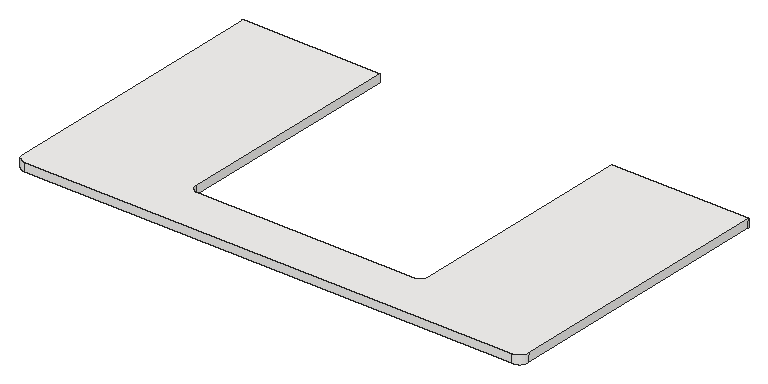
Revit family "console with cutout for countertop basin ground", category Furniture, Revit 2019 (continued)
Definition of nested family "console 1360_550 with cutout right for countertop basin ground 500_480-54098050-glossy_white-400_content"
  Parameters (values of type "Console 1360_550 with cutout right for countertop basin ground 500_480-54098050-GLOSSY_WHITE-400_Content")
    NAME = "Xelu Q Console 1360/550 with cutout right for countertop basin ground 500/480"
    Model = "Console 1360/550 with cutout right for countertop basin ground 500/480-54098050-GLOSSY_WHITE-400"
    Manufacturer = "Hansgrohe"
    MASTERFORMAT = "12 35 30.23 | Bathroom Casework"
    LODLEVEL = "400"
    LL = 1020
    LINA = "Console 1360/550 with cutout right for countertop basin ground 500/480-54098050-GLOSSY_WHITE-400"
    L1 = 450
    L = 1360
    IFC = "Furnishing element"
    IDNR = 17
    GTINCODE = "4059625457375"
    ETIM = "EC011381 | Bathroom furniture set"
    Default Elevation = 1219.2 mm
    DESIGN = "Germany"
    ContentVisible [instance] = yes
    CATALOG = "Hansgrohe"
    BIMOBJECT = "Sanitary: Compound units "
    BASENUMBER = "Console 1360/550 with cutout right for countertop basin ground 500/480"
    ARTNR = "54098050"
  Reference planes
    plane 1 "Center (Front/Back)": y = 0
    plane 2: z = 0
    plane 3 "Center (Left/Right)": x = 0
  Forms (mm)
    Extrusion 1, solid, visible <- "ContentVisible", detail levels medium+fine
      sketch origin (0, 0, 0) x (1, 0, 0) y (0, 1, 0)
        loop
          line (-1020, -1.5) -> (-1020, -532)
          arc (-1020, -532) -> (-1014.728, -544.728) -> (-1002, -550) r 18
          line (-1002, -550) -> (322, -550)
          arc (322, -550) -> (334.728, -544.728) -> (340, -532) r 18
          line (340, -532) -> (340, -1.5)
          arc (340, -1.5) -> (339.561, -0.439) -> (338.5, 0) r 1.5
          line (338.5, 0) -> (225, 0) -> (225, -444)
          arc (225, -444) -> (220.314, -455.314) -> (209, -460) r 16
          line (209, -460) -> (-209, -460)
          arc (-209, -460) -> (-220.314, -455.314) -> (-225, -444) r 16
          line (-225, -444) -> (-225, 0) -> (-1018.5, 0)
          arc (-1018.5, 0) -> (-1019.561, -0.439) -> (-1020, -1.5) r 1.5
      from 0 to 16
    Extrusion 2, solid, visible <- "ContentVisible", detail levels coarse
      sketch origin (-340, -275, 0) x (1, 0, 0) y (0, 1, 0)
        loop
          line (-680, -275) -> (680, -275) -> (680, 275) -> (-680, 275) -> (-680, -275)
      from 0 to 16
  Dimensions and locks
    aligned and locked: level to plane 2
Definition of nested family "console 1360_550 with cutout right for countertop basin ground 500_480-54098230-natural_oak-200_content"
  Parameters (values of type "Console 1360_550 with cutout right for countertop basin ground 500_480-54098230-NATURAL_OAK-200_Content")
    WEIGHT = "10"
    UNSPSC = "56 | Furniture and Furnishings"
    UNIFORMATII = "E2010 | Fixed Furnishings"
    UNICLASS2015 = "Pr_40_20_76_94 | Vanity units"
    SURFACE = "NATURAL_OAK"
    SPECIFICATION = "Surfaces:    - 54098050 High Gloss White  - 54098910 Diamond Matt Grey  - 54098230 Natural Oak  - 54098630 Dark Walnut      Specification:"
    REGIONSET = "Worldwide"
    PRODUCTURL = "https://pro.hansgrohe.com/articledetail--54098050"
    PRODUCTGROUP = "console"
    PRODUCTFAMILY = "Xelu Q"
    PERMALINK = "54098XXX"
    OMNICLASS = "23-19 31 17 11 | Bathroom Units"
    OBJECTTYPE = "Object (single object)"
    NN = "Console with cutout for countertop basin ground"
    NBSYN = "$BASENUMBER.-$ARTNR.-$SURFACE.-$LODLEVEL."
    NB = "Console 1360/550 with cutout right for countertop basin ground 500/480-54098230-NATURAL_OAK-200"
    NAME = "Xelu Q Console 1360/550 with cutout right for countertop basin ground 500/480"
    Model = "Console 1360/550 with cutout right for countertop basin ground 500/480-54098230-NATURAL_OAK-200"
    Manufacturer = "Hansgrohe"
    MASTERFORMAT = "12 35 30.23 | Bathroom Casework"
    LODLEVEL = "200"
    LL = 1020
    LINA = "Console 1360/550 with cutout right for countertop basin ground 500/480-54098230-NATURAL_OAK-200"
    L1 = 450
    L = 1360
    IFC = "Furnishing element"
    IDNR = 20
    GTINCODE = "4059625457375"
    ETIM = "EC011381 | Bathroom furniture set"
    Default Elevation = 1219.2 mm
    DESIGN = "Germany"
    ContentVisible [instance] = yes
    CATALOG = "Hansgrohe"
    BIMOBJECT = "Sanitary: Compound units "
    BASENUMBER = "Console 1360/550 with cutout right for countertop basin ground 500/480"
    ARTNR = "54098230"
  Reference planes
    plane 1 "Center (Front/Back)": y = 0
    plane 2: z = 0
    plane 3 "Center (Left/Right)": x = 0
  Forms (mm)
    Extrusion 1, solid, visible <- "ContentVisible", detail levels medium+fine
      sketch origin (0, 0, 0) x (1, 0, 0) y (0, 1, 0)
        loop
          line (-1020, -550) -> (340, -550) -> (340, 0) -> (225, 0) -> (225, -460) -> (-225, -460) -> (-225, 0) -> (-1020, 0) -> (-1020, -550)
      from 0 to 16
    Extrusion 2, solid, visible <- "ContentVisible", detail levels coarse
      sketch origin (-340, -275, 0) x (1, 0, 0) y (0, 1, 0)
        loop
          line (-680, -275) -> (680, -275) -> (680, 275) -> (-680, 275) -> (-680, -275)
      from 0 to 16
  Dimensions and locks
    aligned and locked: level to plane 2
Definition of nested family "console 1360_550 with cutout right for countertop basin ground 500_480-54098230-natural_oak-400_content"
  Parameters (values of type "Console 1360_550 with cutout right for countertop basin ground 500_480-54098230-NATURAL_OAK-400_Content")
    WEIGHT = "10"
    UNSPSC = "56 | Furniture and Furnishings"
    UNIFORMATII = "E2010 | Fixed Furnishings"
    UNICLASS2015 = "Pr_40_20_76_94 | Vanity units"
    SURFACE = "NATURAL_OAK"
    SPECIFICATION = "Surfaces:    - 54098050 High Gloss White  - 54098910 Diamond Matt Grey  - 54098230 Natural Oak  - 54098630 Dark Walnut      Specification:"
    REGIONSET = "Worldwide"
    PRODUCTURL = "https://pro.hansgrohe.com/articledetail--54098050"
    PRODUCTGROUP = "console"
    PRODUCTFAMILY = "Xelu Q"
    PERMALINK = "54098XXX"
    OMNICLASS = "23-19 31 17 11 | Bathroom Units"
    OBJECTTYPE = "Object (single object)"
    NN = "Console with cutout for countertop basin ground"
    NBSYN = "$BASENUMBER.-$ARTNR.-$SURFACE.-$LODLEVEL."
    NB = "Console 1360/550 with cutout right for countertop basin ground 500/480-54098230-NATURAL_OAK-400"
    NAME = "Xelu Q Console 1360/550 with cutout right for countertop basin ground 500/480"
    Model = "Console 1360/550 with cutout right for countertop basin ground 500/480-54098230-NATURAL_OAK-400"
    Manufacturer = "Hansgrohe"
    MASTERFORMAT = "12 35 30.23 | Bathroom Casework"
    LODLEVEL = "400"
    LL = 1020
    LINA = "Console 1360/550 with cutout right for countertop basin ground 500/480-54098230-NATURAL_OAK-400"
    L1 = 450
    L = 1360
    IFC = "Furnishing element"
    IDNR = 20
    GTINCODE = "4059625457375"
    ETIM = "EC011381 | Bathroom furniture set"
    Default Elevation = 1219.2 mm
    DESIGN = "Germany"
    ContentVisible [instance] = yes
    CATALOG = "Hansgrohe"
    BIMOBJECT = "Sanitary: Compound units "
    BASENUMBER = "Console 1360/550 with cutout right for countertop basin ground 500/480"
    ARTNR = "54098230"
  Reference planes
    plane 1 "Center (Front/Back)": y = 0
    plane 2: z = 0
    plane 3 "Center (Left/Right)": x = 0
  Forms (mm)
    Extrusion 1, solid, visible <- "ContentVisible", detail levels medium+fine
      sketch origin (0, 0, 0) x (1, 0, 0) y (0, 1, 0)
        loop
          line (-1020, -1.5) -> (-1020, -532)
          arc (-1020, -532) -> (-1014.728, -544.728) -> (-1002, -550) r 18
          line (-1002, -550) -> (322, -550)
          arc (322, -550) -> (334.728, -544.728) -> (340, -532) r 18
          line (340, -532) -> (340, -1.5)
          arc (340, -1.5) -> (339.561, -0.439) -> (338.5, 0) r 1.5
          line (338.5, 0) -> (225, 0) -> (225, -444)
          arc (225, -444) -> (220.314, -455.314) -> (209, -460) r 16
          line (209, -460) -> (-209, -460)
          arc (-209, -460) -> (-220.314, -455.314) -> (-225, -444) r 16
          line (-225, -444) -> (-225, 0) -> (-1018.5, 0)
          arc (-1018.5, 0) -> (-1019.561, -0.439) -> (-1020, -1.5) r 1.5
      from 0 to 16
    Extrusion 2, solid, visible <- "ContentVisible", detail levels coarse
      sketch origin (-340, -275, 0) x (1, 0, 0) y (0, 1, 0)
        loop
          line (-680, -275) -> (680, -275) -> (680, 275) -> (-680, 275) -> (-680, -275)
      from 0 to 16
  Dimensions and locks
    aligned and locked: level to plane 2
Definition of nested family "console 1360_550 with cutout right for countertop basin ground 500_480-54098630-dark_walnut-200_content"
  Parameters (values of type "Console 1360_550 with cutout right for countertop basin ground 500_480-54098630-DARK_WALNUT-200_Content")
    WEIGHT = "10"
    UNSPSC = "56 | Furniture and Furnishings"
    UNIFORMATII = "E2010 | Fixed Furnishings"
    UNICLASS2015 = "Pr_40_20_76_94 | Vanity units"
    SURFACE = "DARK_WALNUT"
    SPECIFICATION = "Surfaces:    - 54098050 High Gloss White  - 54098910 Diamond Matt Grey  - 54098230 Natural Oak  - 54098630 Dark Walnut      Specification:"
    REGIONSET = "Worldwide"
    PRODUCTURL = "https://pro.hansgrohe.com/articledetail--54098050"
    PRODUCTGROUP = "console"
    PRODUCTFAMILY = "Xelu Q"
    PERMALINK = "54098XXX"
    OMNICLASS = "23-19 31 17 11 | Bathroom Units"
    OBJECTTYPE = "Object (single object)"
    NN = "Console with cutout for countertop basin ground"
    NBSYN = "$BASENUMBER.-$ARTNR.-$SURFACE.-$LODLEVEL."
    NB = "Console 1360/550 with cutout right for countertop basin ground 500/480-54098630-DARK_WALNUT-200"
    NAME = "Xelu Q Console 1360/550 with cutout right for countertop basin ground 500/480"
    Model = "Console 1360/550 with cutout right for countertop basin ground 500/480-54098630-DARK_WALNUT-200"
    Manufacturer = "Hansgrohe"
    MASTERFORMAT = "12 35 30.23 | Bathroom Casework"
    LODLEVEL = "200"
    LL = 1020
    LINA = "Console 1360/550 with cutout right for countertop basin ground 500/480-54098630-DARK_WALNUT-200"
    L1 = 450
    L = 1360
    IFC = "Furnishing element"
    IDNR = 18
    GTINCODE = "4059625457375"
    ETIM = "EC011381 | Bathroom furniture set"
    Default Elevation = 1219.2 mm
    DESIGN = "Germany"
    ContentVisible [instance] = yes
    CATALOG = "Hansgrohe"
    BIMOBJECT = "Sanitary: Compound units "
    BASENUMBER = "Console 1360/550 with cutout right for countertop basin ground 500/480"
    ARTNR = "54098630"
  Reference planes
    plane 1 "Center (Front/Back)": y = 0
    plane 2: z = 0
    plane 3 "Center (Left/Right)": x = 0
  Forms (mm)
    Extrusion 1, solid, visible <- "ContentVisible", detail levels medium+fine
      sketch origin (0, 0, 0) x (1, 0, 0) y (0, 1, 0)
        loop
          line (-1020, -550) -> (340, -550) -> (340, 0) -> (225, 0) -> (225, -460) -> (-225, -460) -> (-225, 0) -> (-1020, 0) -> (-1020, -550)
      from 0 to 16
    Extrusion 2, solid, visible <- "ContentVisible", detail levels coarse
      sketch origin (-340, -275, 0) x (1, 0, 0) y (0, 1, 0)
        loop
          line (-680, -275) -> (680, -275) -> (680, 275) -> (-680, 275) -> (-680, -275)
      from 0 to 16
  Dimensions and locks
    aligned and locked: level to plane 2
Definition of nested family "console 1360_550 with cutout right for countertop basin ground 500_480-54098630-dark_walnut-400_content"
  Parameters (values of type "Console 1360_550 with cutout right for countertop basin ground 500_480-54098630-DARK_WALNUT-400_Content")
    WEIGHT = "10"
    UNSPSC = "56 | Furniture and Furnishings"
    UNIFORMATII = "E2010 | Fixed Furnishings"
    UNICLASS2015 = "Pr_40_20_76_94 | Vanity units"
    SURFACE = "DARK_WALNUT"
    SPECIFICATION = "Surfaces:    - 54098050 High Gloss White  - 54098910 Diamond Matt Grey  - 54098230 Natural Oak  - 54098630 Dark Walnut      Specification:"
    REGIONSET = "Worldwide"
    PRODUCTURL = "https://pro.hansgrohe.com/articledetail--54098050"
    PRODUCTGROUP = "console"
    PRODUCTFAMILY = "Xelu Q"
    PERMALINK = "54098XXX"
    OMNICLASS = "23-19 31 17 11 | Bathroom Units"
    OBJECTTYPE = "Object (single object)"
    NN = "Console with cutout for countertop basin ground"
    NBSYN = "$BASENUMBER.-$ARTNR.-$SURFACE.-$LODLEVEL."
    NB = "Console 1360/550 with cutout right for countertop basin ground 500/480-54098630-DARK_WALNUT-400"
    NAME = "Xelu Q Console 1360/550 with cutout right for countertop basin ground 500/480"
    Model = "Console 1360/550 with cutout right for countertop basin ground 500/480-54098630-DARK_WALNUT-400"
    Manufacturer = "Hansgrohe"
    MASTERFORMAT = "12 35 30.23 | Bathroom Casework"
    LODLEVEL = "400"
    LL = 1020
    LINA = "Console 1360/550 with cutout right for countertop basin ground 500/480-54098630-DARK_WALNUT-400"
    L1 = 450
    L = 1360
    IFC = "Furnishing element"
    IDNR = 18
    GTINCODE = "4059625457375"
    ETIM = "EC011381 | Bathroom furniture set"
    Default Elevation = 1219.2 mm
    DESIGN = "Germany"
    ContentVisible [instance] = yes
    CATALOG = "Hansgrohe"
    BIMOBJECT = "Sanitary: Compound units "
    BASENUMBER = "Console 1360/550 with cutout right for countertop basin ground 500/480"
    ARTNR = "54098630"
  Reference planes
    plane 1 "Center (Front/Back)": y = 0
    plane 2: z = 0
    plane 3 "Center (Left/Right)": x = 0
  Forms (mm)
    Extrusion 1, solid, visible <- "ContentVisible", detail levels medium+fine
      sketch origin (0, 0, 0) x (1, 0, 0) y (0, 1, 0)
        loop
          line (-1020, -1.5) -> (-1020, -532)
          arc (-1020, -532) -> (-1014.728, -544.728) -> (-1002, -550) r 18
          line (-1002, -550) -> (322, -550)
          arc (322, -550) -> (334.728, -544.728) -> (340, -532) r 18
          line (340, -532) -> (340, -1.5)
          arc (340, -1.5) -> (339.561, -0.439) -> (338.5, 0) r 1.5
          line (338.5, 0) -> (225, 0) -> (225, -444)
          arc (225, -444) -> (220.314, -455.314) -> (209, -460) r 16
          line (209, -460) -> (-209, -460)
          arc (-209, -460) -> (-220.314, -455.314) -> (-225, -444) r 16
          line (-225, -444) -> (-225, 0) -> (-1018.5, 0)
          arc (-1018.5, 0) -> (-1019.561, -0.439) -> (-1020, -1.5) r 1.5
      from 0 to 16
    Extrusion 2, solid, visible <- "ContentVisible", detail levels coarse
      sketch origin (-340, -275, 0) x (1, 0, 0) y (0, 1, 0)
        loop
          line (-680, -275) -> (680, -275) -> (680, 275) -> (-680, 275) -> (-680, -275)
      from 0 to 16
  Dimensions and locks
    aligned and locked: level to plane 2
Definition of nested family "console 1360_550 with cutout right for countertop basin ground 500_480-54098910-diamond_grey-200_content"
  Parameters (values of type "Console 1360_550 with cutout right for countertop basin ground 500_480-54098910-DIAMOND_GREY-200_Content")
    WEIGHT = "10"
    UNSPSC = "56 | Furniture and Furnishings"
    UNIFORMATII = "E2010 | Fixed Furnishings"
    UNICLASS2015 = "Pr_40_20_76_94 | Vanity units"
    SURFACE = "DIAMOND_GREY"
    SPECIFICATION = "Surfaces:    - 54098050 High Gloss White  - 54098910 Diamond Matt Grey  - 54098230 Natural Oak  - 54098630 Dark Walnut      Specification:"
    REGIONSET = "Worldwide"
    PRODUCTURL = "https://pro.hansgrohe.com/articledetail--54098050"
    PRODUCTGROUP = "console"
    PRODUCTFAMILY = "Xelu Q"
    PERMALINK = "54098XXX"
    OMNICLASS = "23-19 31 17 11 | Bathroom Units"
    OBJECTTYPE = "Object (single object)"
    NN = "Console with cutout for countertop basin ground"
    NBSYN = "$BASENUMBER.-$ARTNR.-$SURFACE.-$LODLEVEL."
    NB = "Console 1360/550 with cutout right for countertop basin ground 500/480-54098910-DIAMOND_GREY-200"
    NAME = "Xelu Q Console 1360/550 with cutout right for countertop basin ground 500/480"
    Model = "Console 1360/550 with cutout right for countertop basin ground 500/480-54098910-DIAMOND_GREY-200"
    Manufacturer = "Hansgrohe"
    MASTERFORMAT = "12 35 30.23 | Bathroom Casework"
    LODLEVEL = "200"
    LL = 1020
    LINA = "Console 1360/550 with cutout right for countertop basin ground 500/480-54098910-DIAMOND_GREY-200"
    L1 = 450
    L = 1360
    IFC = "Furnishing element"
    IDNR = 19
    GTINCODE = "4059625457375"
    ETIM = "EC011381 | Bathroom furniture set"
    Default Elevation = 1219.2 mm
    DESIGN = "Germany"
    ContentVisible [instance] = yes
    CATALOG = "Hansgrohe"
    BIMOBJECT = "Sanitary: Compound units "
    BASENUMBER = "Console 1360/550 with cutout right for countertop basin ground 500/480"
    ARTNR = "54098910"
  Reference planes
    plane 1 "Center (Front/Back)": y = 0
    plane 2: z = 0
    plane 3 "Center (Left/Right)": x = 0
  Forms (mm)
    Extrusion 1, solid, visible <- "ContentVisible", detail levels medium+fine
      sketch origin (0, 0, 0) x (1, 0, 0) y (0, 1, 0)
        loop
          line (-1020, -550) -> (340, -550) -> (340, 0) -> (225, 0) -> (225, -460) -> (-225, -460) -> (-225, 0) -> (-1020, 0) -> (-1020, -550)
      from 0 to 16
    Extrusion 2, solid, visible <- "ContentVisible", detail levels coarse
      sketch origin (-340, -275, 0) x (1, 0, 0) y (0, 1, 0)
        loop
          line (-680, -275) -> (680, -275) -> (680, 275) -> (-680, 275) -> (-680, -275)
      from 0 to 16
  Dimensions and locks
    aligned and locked: level to plane 2
Definition of nested family "console 1360_550 with cutout right for countertop basin ground 500_480-54098910-diamond_grey-400_content"
  Parameters (values of type "Console 1360_550 with cutout right for countertop basin ground 500_480-54098910-DIAMOND_GREY-400_Content")
    WEIGHT = "10"
    UNSPSC = "56 | Furniture and Furnishings"
    UNIFORMATII = "E2010 | Fixed Furnishings"
    UNICLASS2015 = "Pr_40_20_76_94 | Vanity units"
    SURFACE = "DIAMOND_GREY"
    SPECIFICATION = "Surfaces:    - 54098050 High Gloss White  - 54098910 Diamond Matt Grey  - 54098230 Natural Oak  - 54098630 Dark Walnut      Specification:"
    REGIONSET = "Worldwide"
    PRODUCTURL = "https://pro.hansgrohe.com/articledetail--54098050"
    PRODUCTGROUP = "console"
    PRODUCTFAMILY = "Xelu Q"
    PERMALINK = "54098XXX"
    OMNICLASS = "23-19 31 17 11 | Bathroom Units"
    OBJECTTYPE = "Object (single object)"
    NN = "Console with cutout for countertop basin ground"
    NBSYN = "$BASENUMBER.-$ARTNR.-$SURFACE.-$LODLEVEL."
    NB = "Console 1360/550 with cutout right for countertop basin ground 500/480-54098910-DIAMOND_GREY-400"
    NAME = "Xelu Q Console 1360/550 with cutout right for countertop basin ground 500/480"
    Model = "Console 1360/550 with cutout right for countertop basin ground 500/480-54098910-DIAMOND_GREY-400"
    Manufacturer = "Hansgrohe"
    MASTERFORMAT = "12 35 30.23 | Bathroom Casework"
    LODLEVEL = "400"
    LL = 1020
    LINA = "Console 1360/550 with cutout right for countertop basin ground 500/480-54098910-DIAMOND_GREY-400"
    L1 = 450
    L = 1360
    IFC = "Furnishing element"
    IDNR = 19
    GTINCODE = "4059625457375"
    ETIM = "EC011381 | Bathroom furniture set"
    Default Elevation = 1219.2 mm
    DESIGN = "Germany"
    ContentVisible [instance] = yes
    CATALOG = "Hansgrohe"
    BIMOBJECT = "Sanitary: Compound units "
    BASENUMBER = "Console 1360/550 with cutout right for countertop basin ground 500/480"
    ARTNR = "54098910"
  Reference planes
    plane 1 "Center (Front/Back)": y = 0
    plane 2: z = 0
    plane 3 "Center (Left/Right)": x = 0
  Forms (mm)
    Extrusion 1, solid, visible <- "ContentVisible", detail levels medium+fine
      sketch origin (0, 0, 0) x (1, 0, 0) y (0, 1, 0)
        loop
          line (-1020, -1.5) -> (-1020, -532)
          arc (-1020, -532) -> (-1014.728, -544.728) -> (-1002, -550) r 18
          line (-1002, -550) -> (322, -550)
          arc (322, -550) -> (334.728, -544.728) -> (340, -532) r 18
          line (340, -532) -> (340, -1.5)
          arc (340, -1.5) -> (339.561, -0.439) -> (338.5, 0) r 1.5
          line (338.5, 0) -> (225, 0) -> (225, -444)
          arc (225, -444) -> (220.314, -455.314) -> (209, -460) r 16
          line (209, -460) -> (-209, -460)
          arc (-209, -460) -> (-220.314, -455.314) -> (-225, -444) r 16
          line (-225, -444) -> (-225, 0) -> (-1018.5, 0)
          arc (-1018.5, 0) -> (-1019.561, -0.439) -> (-1020, -1.5) r 1.5
      from 0 to 16
    Extrusion 2, solid, visible <- "ContentVisible", detail levels coarse
      sketch origin (-340, -275, 0) x (1, 0, 0) y (0, 1, 0)
        loop
          line (-680, -275) -> (680, -275) -> (680, 275) -> (-680, 275) -> (-680, -275)
      from 0 to 16
  Dimensions and locks
    aligned and locked: level to plane 2
Definition of nested family "console 780_550 with cutout in the middle for countertop basin ground 500_480-54094050-glossy_white-200_content"
  Parameters (values of type "Console 780_550 with cutout in the middle for countertop basin ground 500_480-54094050-GLOSSY_WHITE-200_Content")
    WEIGHT = "6.2"
    UNSPSC = "56 | Furniture and Furnishings"
    UNIFORMATII = "E2010 | Fixed Furnishings"
    UNICLASS2015 = "Pr_40_20_76_94 | Vanity units"
    SURFACE = "GLOSSY_WHITE"
    SPECIFICATION = "Surfaces:    - 54094050 High Gloss White  - 54094910 Diamond Matt Grey  - 54094230 Natural Oak  - 54094630 Dark Walnut      Specification:    • consists of: console, space saving siphon   • material: high-density 3-ply chipboard   • surface material: laminate (HPL)   • with cutout for countertop basin ground  • number of basin cutouts: 1   • basin cutout: centered   • strength: 16 mm"
    REGIONSET = "Worldwide"
    PRODUCTURL = "https://pro.hansgrohe.com/articledetail--54094050"
    PRODUCTGROUP = "console"
    PRODUCTFAMILY = "Xelu Q"
    PERMALINK = "54094XXX"
    OMNICLASS = "23-19 31 17 11 | Bathroom Units"
    OBJECTTYPE = "Object (single object)"
    NN = "Console with cutout for countertop basin ground"
    NBSYN = "$BASENUMBER.-$ARTNR.-$SURFACE.-$LODLEVEL."
    NB = "Console 780/550 with cutout in the middle for countertop basin ground 500/480-54094050-GLOSSY_WHITE-200"
    NAME = "Xelu Q Console 780/550 with cutout in the middle for countertop basin ground 500/480"
    Model = "Console 780/550 with cutout in the middle for countertop basin ground 500/480-54094050-GLOSSY_WHITE-200"
    Manufacturer = "Hansgrohe"
    MASTERFORMAT = "12 35 30.23 | Bathroom Casework"
    LODLEVEL = "200"
    LL = 390
    LINA = "Console 780/550 with cutout in the middle for countertop basin ground 500/480-54094050-GLOSSY_WHITE-200"
    L1 = 450
    L = 780
    IFC = "Furnishing element"
    IDNR = 4
    GTINCODE = "4059625457139"
    ETIM = "EC011381 | Bathroom furniture set"
    Default Elevation = 1219.2 mm
    DESIGN = "Germany"
    ContentVisible [instance] = yes
    CATALOG = "Hansgrohe"
    BIMOBJECT = "Sanitary: Compound units "
    BASENUMBER = "Console 780/550 with cutout in the middle for countertop basin ground 500/480"
    ARTNR = "54094050"
  Reference planes
    plane 1 "Center (Front/Back)": y = 0
    plane 2: z = 0
    plane 3 "Center (Left/Right)": x = 0
  Forms (mm)
    Extrusion 1, solid, visible <- "ContentVisible", detail levels medium+fine
      sketch origin (0, 0, 0) x (1, 0, 0) y (0, 1, 0)
        loop
          line (-390, 0) -> (-390, -550) -> (390, -550) -> (390, 0) -> (225, 0) -> (225, -460) -> (-225, -460) -> (-225, 0) -> (-390, 0)
      from 0 to 16
    Extrusion 2, solid, visible <- "ContentVisible", detail levels coarse
      sketch origin (0, -275, 0) x (1, 0, 0) y (0, 1, 0)
        loop
          line (-390, -275) -> (390, -275) -> (390, 275) -> (-390, 275) -> (-390, -275)
      from 0 to 16
  Dimensions and locks
    aligned and locked: level to plane 2
Definition of nested family "console 780_550 with cutout in the middle for countertop basin ground 500_480-54094050-glossy_white-400_content"
  Parameters (values of type "Console 780_550 with cutout in the middle for countertop basin ground 500_480-54094050-GLOSSY_WHITE-400_Content")
    WEIGHT = "6.2"
    UNSPSC = "56 | Furniture and Furnishings"
    UNIFORMATII = "E2010 | Fixed Furnishings"
    UNICLASS2015 = "Pr_40_20_76_94 | Vanity units"
    SURFACE = "GLOSSY_WHITE"
    SPECIFICATION = "Surfaces:    - 54094050 High Gloss White  - 54094910 Diamond Matt Grey  - 54094230 Natural Oak  - 54094630 Dark Walnut      Specification:    • consists of: console, space saving siphon   • material: high-density 3-ply chipboard   • surface material: laminate (HPL)   • with cutout for countertop basin ground  • number of basin cutouts: 1   • basin cutout: centered   • strength: 16 mm"
    REGIONSET = "Worldwide"
    PRODUCTURL = "https://pro.hansgrohe.com/articledetail--54094050"
    PRODUCTGROUP = "console"
    PRODUCTFAMILY = "Xelu Q"
    PERMALINK = "54094XXX"
    OMNICLASS = "23-19 31 17 11 | Bathroom Units"
    OBJECTTYPE = "Object (single object)"
    NN = "Console with cutout for countertop basin ground"
    NBSYN = "$BASENUMBER.-$ARTNR.-$SURFACE.-$LODLEVEL."
    NB = "Console 780/550 with cutout in the middle for countertop basin ground 500/480-54094050-GLOSSY_WHITE-400"
    NAME = "Xelu Q Console 780/550 with cutout in the middle for countertop basin ground 500/480"
    Model = "Console 780/550 with cutout in the middle for countertop basin ground 500/480-54094050-GLOSSY_WHITE-400"
    Manufacturer = "Hansgrohe"
    MASTERFORMAT = "12 35 30.23 | Bathroom Casework"
    LODLEVEL = "400"
    LL = 390
    LINA = "Console 780/550 with cutout in the middle for countertop basin ground 500/480-54094050-GLOSSY_WHITE-400"
    L1 = 450
    L = 780
    IFC = "Furnishing element"
    IDNR = 4
    GTINCODE = "4059625457139"
    ETIM = "EC011381 | Bathroom furniture set"
    Default Elevation = 1219.2 mm
    DESIGN = "Germany"
    ContentVisible [instance] = yes
    CATALOG = "Hansgrohe"
    BIMOBJECT = "Sanitary: Compound units "
    BASENUMBER = "Console 780/550 with cutout in the middle for countertop basin ground 500/480"
    ARTNR = "54094050"
  Reference planes
    plane 1 "Center (Front/Back)": y = 0
    plane 2: z = 0
    plane 3 "Center (Left/Right)": x = 0
  Forms (mm)
    Extrusion 1, solid, visible <- "ContentVisible", detail levels medium+fine
      sketch origin (0, 0, 0) x (1, 0, 0) y (0, 1, 0)
        loop
          line (-390, -1.5) -> (-390, -532)
          arc (-390, -532) -> (-384.728, -544.728) -> (-372, -550) r 18
          line (-372, -550) -> (372, -550)
          arc (372, -550) -> (384.728, -544.728) -> (390, -532) r 18
          line (390, -532) -> (390, -1.5)
          arc (390, -1.5) -> (389.561, -0.439) -> (388.5, 0) r 1.5
          line (388.5, 0) -> (225, 0) -> (225, -444)
          arc (225, -444) -> (220.314, -455.314) -> (209, -460) r 16
          line (209, -460) -> (-209, -460)
          arc (-209, -460) -> (-220.314, -455.314) -> (-225, -444) r 16
          line (-225, -444) -> (-225, 0) -> (-388.5, 0)
          arc (-388.5, 0) -> (-389.561, -0.439) -> (-390, -1.5) r 1.5
      from 0 to 16
    Extrusion 2, solid, visible <- "ContentVisible", detail levels coarse
      sketch origin (0, -275, 0) x (1, 0, 0) y (0, 1, 0)
        loop
          line (-390, -275) -> (390, -275) -> (390, 275) -> (-390, 275) -> (-390, -275)
      from 0 to 16
  Dimensions and locks
    aligned and locked: level to plane 2
Definition of nested family "console 780_550 with cutout in the middle for countertop basin ground 500_480-54094230-natural_oak-200_content"
  Parameters (values of type "Console 780_550 with cutout in the middle for countertop basin ground 500_480-54094230-NATURAL_OAK-200_Content")
    WEIGHT = "6.2"
    UNSPSC = "56 | Furniture and Furnishings"
    UNIFORMATII = "E2010 | Fixed Furnishings"
    UNICLASS2015 = "Pr_40_20_76_94 | Vanity units"
    SURFACE = "NATURAL_OAK"
    SPECIFICATION = "Surfaces:    - 54094050 High Gloss White  - 54094910 Diamond Matt Grey  - 54094230 Natural Oak  - 54094630 Dark Walnut      Specification:    • consists of: console, space saving siphon   • material: high-density 3-ply chipboard   • surface material: laminate (HPL)   • with cutout for countertop basin ground  • number of basin cutouts: 1   • basin cutout: centered   • strength: 16 mm"
    REGIONSET = "Worldwide"
    PRODUCTURL = "https://pro.hansgrohe.com/articledetail--54094050"
    PRODUCTGROUP = "console"
    PRODUCTFAMILY = "Xelu Q"
    PERMALINK = "54094XXX"
    OMNICLASS = "23-19 31 17 11 | Bathroom Units"
    OBJECTTYPE = "Object (single object)"
    NN = "Console with cutout for countertop basin ground"
    NBSYN = "$BASENUMBER.-$ARTNR.-$SURFACE.-$LODLEVEL."
    NB = "Console 780/550 with cutout in the middle for countertop basin ground 500/480-54094230-NATURAL_OAK-200"
    NAME = "Xelu Q Console 780/550 with cutout in the middle for countertop basin ground 500/480"
    Model = "Console 780/550 with cutout in the middle for countertop basin ground 500/480-54094230-NATURAL_OAK-200"
    Manufacturer = "Hansgrohe"
    MASTERFORMAT = "12 35 30.23 | Bathroom Casework"
    LODLEVEL = "200"
    LL = 390
    LINA = "Console 780/550 with cutout in the middle for countertop basin ground 500/480-54094230-NATURAL_OAK-200"
    L1 = 450
    L = 780
    IFC = "Furnishing element"
    IDNR = 3
    GTINCODE = "4059625457139"
    ETIM = "EC011381 | Bathroom furniture set"
    Default Elevation = 1219.2 mm
    DESIGN = "Germany"
    ContentVisible [instance] = yes
    CATALOG = "Hansgrohe"
    BIMOBJECT = "Sanitary: Compound units "
    BASENUMBER = "Console 780/550 with cutout in the middle for countertop basin ground 500/480"
    ARTNR = "54094230"
  Reference planes
    plane 1 "Center (Front/Back)": y = 0
    plane 2: z = 0
    plane 3 "Center (Left/Right)": x = 0
  Forms (mm)
    Extrusion 1, solid, visible <- "ContentVisible", detail levels medium+fine
      sketch origin (0, 0, 0) x (1, 0, 0) y (0, 1, 0)
        loop
          line (-390, 0) -> (-390, -550) -> (390, -550) -> (390, 0) -> (225, 0) -> (225, -460) -> (-225, -460) -> (-225, 0) -> (-390, 0)
      from 0 to 16
    Extrusion 2, solid, visible <- "ContentVisible", detail levels coarse
      sketch origin (0, -275, 0) x (1, 0, 0) y (0, 1, 0)
        loop
          line (-390, -275) -> (390, -275) -> (390, 275) -> (-390, 275) -> (-390, -275)
      from 0 to 16
  Dimensions and locks
    aligned and locked: level to plane 2
Definition of nested family "console 780_550 with cutout in the middle for countertop basin ground 500_480-54094230-natural_oak-400_content"
  Parameters (values of type "Console 780_550 with cutout in the middle for countertop basin ground 500_480-54094230-NATURAL_OAK-400_Content")
    WEIGHT = "6.2"
    UNSPSC = "56 | Furniture and Furnishings"
    UNIFORMATII = "E2010 | Fixed Furnishings"
    UNICLASS2015 = "Pr_40_20_76_94 | Vanity units"
    SURFACE = "NATURAL_OAK"
    SPECIFICATION = "Surfaces:    - 54094050 High Gloss White  - 54094910 Diamond Matt Grey  - 54094230 Natural Oak  - 54094630 Dark Walnut      Specification:    • consists of: console, space saving siphon   • material: high-density 3-ply chipboard   • surface material: laminate (HPL)   • with cutout for countertop basin ground  • number of basin cutouts: 1   • basin cutout: centered   • strength: 16 mm"
    REGIONSET = "Worldwide"
    PRODUCTURL = "https://pro.hansgrohe.com/articledetail--54094050"
    PRODUCTGROUP = "console"
    PRODUCTFAMILY = "Xelu Q"
    PERMALINK = "54094XXX"
    OMNICLASS = "23-19 31 17 11 | Bathroom Units"
    OBJECTTYPE = "Object (single object)"
    NN = "Console with cutout for countertop basin ground"
    NBSYN = "$BASENUMBER.-$ARTNR.-$SURFACE.-$LODLEVEL."
    NB = "Console 780/550 with cutout in the middle for countertop basin ground 500/480-54094230-NATURAL_OAK-400"
    NAME = "Xelu Q Console 780/550 with cutout in the middle for countertop basin ground 500/480"
    Model = "Console 780/550 with cutout in the middle for countertop basin ground 500/480-54094230-NATURAL_OAK-400"
    Manufacturer = "Hansgrohe"
    MASTERFORMAT = "12 35 30.23 | Bathroom Casework"
    LODLEVEL = "400"
    LL = 390
    LINA = "Console 780/550 with cutout in the middle for countertop basin ground 500/480-54094230-NATURAL_OAK-400"
    L1 = 450
    L = 780
    IFC = "Furnishing element"
    IDNR = 3
    GTINCODE = "4059625457139"
    ETIM = "EC011381 | Bathroom furniture set"
    Default Elevation = 1219.2 mm
    DESIGN = "Germany"
    ContentVisible [instance] = yes
    CATALOG = "Hansgrohe"
    BIMOBJECT = "Sanitary: Compound units "
    BASENUMBER = "Console 780/550 with cutout in the middle for countertop basin ground 500/480"
    ARTNR = "54094230"
  Reference planes
    plane 1 "Center (Front/Back)": y = 0
    plane 2: z = 0
    plane 3 "Center (Left/Right)": x = 0
  Forms (mm)
    Extrusion 1, solid, visible <- "ContentVisible", detail levels medium+fine
      sketch origin (0, 0, 0) x (1, 0, 0) y (0, 1, 0)
        loop
          line (-390, -1.5) -> (-390, -532)
          arc (-390, -532) -> (-384.728, -544.728) -> (-372, -550) r 18
          line (-372, -550) -> (372, -550)
          arc (372, -550) -> (384.728, -544.728) -> (390, -532) r 18
          line (390, -532) -> (390, -1.5)
          arc (390, -1.5) -> (389.561, -0.439) -> (388.5, 0) r 1.5
          line (388.5, 0) -> (225, 0) -> (225, -444)
          arc (225, -444) -> (220.314, -455.314) -> (209, -460) r 16
          line (209, -460) -> (-209, -460)
          arc (-209, -460) -> (-220.314, -455.314) -> (-225, -444) r 16
          line (-225, -444) -> (-225, 0) -> (-388.5, 0)
          arc (-388.5, 0) -> (-389.561, -0.439) -> (-390, -1.5) r 1.5
      from 0 to 16
    Extrusion 2, solid, visible <- "ContentVisible", detail levels coarse
      sketch origin (0, -275, 0) x (1, 0, 0) y (0, 1, 0)
        loop
          line (-390, -275) -> (390, -275) -> (390, 275) -> (-390, 275) -> (-390, -275)
      from 0 to 16
  Dimensions and locks
    aligned and locked: level to plane 2
Definition of nested family "console 780_550 with cutout in the middle for countertop basin ground 500_480-54094630-dark_walnut-200_content"
  Parameters (values of type "Console 780_550 with cutout in the middle for countertop basin ground 500_480-54094630-DARK_WALNUT-200_Content")
    WEIGHT = "6.2"
    UNSPSC = "56 | Furniture and Furnishings"
    UNIFORMATII = "E2010 | Fixed Furnishings"
    UNICLASS2015 = "Pr_40_20_76_94 | Vanity units"
    SURFACE = "DARK_WALNUT"
    SPECIFICATION = "Surfaces:    - 54094050 High Gloss White  - 54094910 Diamond Matt Grey  - 54094230 Natural Oak  - 54094630 Dark Walnut      Specification:    • consists of: console, space saving siphon   • material: high-density 3-ply chipboard   • surface material: laminate (HPL)   • with cutout for countertop basin ground  • number of basin cutouts: 1   • basin cutout: centered   • strength: 16 mm"
    REGIONSET = "Worldwide"
    PRODUCTURL = "https://pro.hansgrohe.com/articledetail--54094050"
    PRODUCTGROUP = "console"
    PRODUCTFAMILY = "Xelu Q"
    PERMALINK = "54094XXX"
    OMNICLASS = "23-19 31 17 11 | Bathroom Units"
    OBJECTTYPE = "Object (single object)"
    NN = "Console with cutout for countertop basin ground"
    NBSYN = "$BASENUMBER.-$ARTNR.-$SURFACE.-$LODLEVEL."
    NB = "Console 780/550 with cutout in the middle for countertop basin ground 500/480-54094630-DARK_WALNUT-200"
    NAME = "Xelu Q Console 780/550 with cutout in the middle for countertop basin ground 500/480"
    Model = "Console 780/550 with cutout in the middle for countertop basin ground 500/480-54094630-DARK_WALNUT-200"
    Manufacturer = "Hansgrohe"
    MASTERFORMAT = "12 35 30.23 | Bathroom Casework"
    LODLEVEL = "200"
    LL = 390
    LINA = "Console 780/550 with cutout in the middle for countertop basin ground 500/480-54094630-DARK_WALNUT-200"
    L1 = 450
    L = 780
    IFC = "Furnishing element"
    IDNR = 1
    GTINCODE = "4059625457139"
    ETIM = "EC011381 | Bathroom furniture set"
    Default Elevation = 1219.2 mm
    DESIGN = "Germany"
    ContentVisible [instance] = yes
    CATALOG = "Hansgrohe"
    BIMOBJECT = "Sanitary: Compound units "
    BASENUMBER = "Console 780/550 with cutout in the middle for countertop basin ground 500/480"
    ARTNR = "54094630"
  Reference planes
    plane 1 "Center (Front/Back)": y = 0
    plane 2: z = 0
    plane 3 "Center (Left/Right)": x = 0
  Forms (mm)
    Extrusion 1, solid, visible <- "ContentVisible", detail levels medium+fine
      sketch origin (0, 0, 0) x (1, 0, 0) y (0, 1, 0)
        loop
          line (-390, 0) -> (-390, -550) -> (390, -550) -> (390, 0) -> (225, 0) -> (225, -460) -> (-225, -460) -> (-225, 0) -> (-390, 0)
      from 0 to 16
    Extrusion 2, solid, visible <- "ContentVisible", detail levels coarse
      sketch origin (0, -275, 0) x (1, 0, 0) y (0, 1, 0)
        loop
          line (-390, -275) -> (390, -275) -> (390, 275) -> (-390, 275) -> (-390, -275)
      from 0 to 16
  Dimensions and locks
    aligned and locked: level to plane 2
Definition of nested family "console 780_550 with cutout in the middle for countertop basin ground 500_480-54094630-dark_walnut-400_content"
  Parameters (values of type "Console 780_550 with cutout in the middle for countertop basin ground 500_480-54094630-DARK_WALNUT-400_Content")
    WEIGHT = "6.2"
    UNSPSC = "56 | Furniture and Furnishings"
    UNIFORMATII = "E2010 | Fixed Furnishings"
    UNICLASS2015 = "Pr_40_20_76_94 | Vanity units"
    SURFACE = "DARK_WALNUT"
    SPECIFICATION = "Surfaces:    - 54094050 High Gloss White  - 54094910 Diamond Matt Grey  - 54094230 Natural Oak  - 54094630 Dark Walnut      Specification:    • consists of: console, space saving siphon   • material: high-density 3-ply chipboard   • surface material: laminate (HPL)   • with cutout for countertop basin ground  • number of basin cutouts: 1   • basin cutout: centered   • strength: 16 mm"
    REGIONSET = "Worldwide"
    PRODUCTURL = "https://pro.hansgrohe.com/articledetail--54094050"
    PRODUCTGROUP = "console"
    PRODUCTFAMILY = "Xelu Q"
    PERMALINK = "54094XXX"
    OMNICLASS = "23-19 31 17 11 | Bathroom Units"
    OBJECTTYPE = "Object (single object)"
    NN = "Console with cutout for countertop basin ground"
    NBSYN = "$BASENUMBER.-$ARTNR.-$SURFACE.-$LODLEVEL."
    NB = "Console 780/550 with cutout in the middle for countertop basin ground 500/480-54094630-DARK_WALNUT-400"
    NAME = "Xelu Q Console 780/550 with cutout in the middle for countertop basin ground 500/480"
    Model = "Console 780/550 with cutout in the middle for countertop basin ground 500/480-54094630-DARK_WALNUT-400"
    Manufacturer = "Hansgrohe"
    MASTERFORMAT = "12 35 30.23 | Bathroom Casework"
    LODLEVEL = "400"
    LL = 390
    LINA = "Console 780/550 with cutout in the middle for countertop basin ground 500/480-54094630-DARK_WALNUT-400"
    L1 = 450
    L = 780
    IFC = "Furnishing element"
    IDNR = 1
    GTINCODE = "4059625457139"
    ETIM = "EC011381 | Bathroom furniture set"
    Default Elevation = 1219.2 mm
    DESIGN = "Germany"
    ContentVisible [instance] = yes
    CATALOG = "Hansgrohe"
    BIMOBJECT = "Sanitary: Compound units "
    BASENUMBER = "Console 780/550 with cutout in the middle for countertop basin ground 500/480"
    ARTNR = "54094630"
  Reference planes
    plane 1 "Center (Front/Back)": y = 0
    plane 2: z = 0
    plane 3 "Center (Left/Right)": x = 0
  Forms (mm)
    Extrusion 1, solid, visible <- "ContentVisible", detail levels medium+fine
      sketch origin (0, 0, 0) x (1, 0, 0) y (0, 1, 0)
        loop
          line (-390, -1.5) -> (-390, -532)
          arc (-390, -532) -> (-384.728, -544.728) -> (-372, -550) r 18
          line (-372, -550) -> (372, -550)
          arc (372, -550) -> (384.728, -544.728) -> (390, -532) r 18
          line (390, -532) -> (390, -1.5)
          arc (390, -1.5) -> (389.561, -0.439) -> (388.5, 0) r 1.5
          line (388.5, 0) -> (225, 0) -> (225, -444)
          arc (225, -444) -> (220.314, -455.314) -> (209, -460) r 16
          line (209, -460) -> (-209, -460)
          arc (-209, -460) -> (-220.314, -455.314) -> (-225, -444) r 16
          line (-225, -444) -> (-225, 0) -> (-388.5, 0)
          arc (-388.5, 0) -> (-389.561, -0.439) -> (-390, -1.5) r 1.5
      from 0 to 16
    Extrusion 2, solid, visible <- "ContentVisible", detail levels coarse
      sketch origin (0, -275, 0) x (1, 0, 0) y (0, 1, 0)
        loop
          line (-390, -275) -> (390, -275) -> (390, 275) -> (-390, 275) -> (-390, -275)
      from 0 to 16
  Dimensions and locks
    aligned and locked: level to plane 2
Definition of nested family "console 780_550 with cutout in the middle for countertop basin ground 500_480-54094910-diamond_grey-200_content"
  Parameters (values of type "Console 780_550 with cutout in the middle for countertop basin ground 500_480-54094910-DIAMOND_GREY-200_Content")
    WEIGHT = "6.2"
    UNSPSC = "56 | Furniture and Furnishings"
    UNIFORMATII = "E2010 | Fixed Furnishings"
    UNICLASS2015 = "Pr_40_20_76_94 | Vanity units"
    SURFACE = "DIAMOND_GREY"
    SPECIFICATION = "Surfaces:    - 54094050 High Gloss White  - 54094910 Diamond Matt Grey  - 54094230 Natural Oak  - 54094630 Dark Walnut      Specification:    • consists of: console, space saving siphon   • material: high-density 3-ply chipboard   • surface material: laminate (HPL)   • with cutout for countertop basin ground  • number of basin cutouts: 1   • basin cutout: centered   • strength: 16 mm"
    REGIONSET = "Worldwide"
    PRODUCTURL = "https://pro.hansgrohe.com/articledetail--54094050"
    PRODUCTGROUP = "console"
    PRODUCTFAMILY = "Xelu Q"
    PERMALINK = "54094XXX"
    OMNICLASS = "23-19 31 17 11 | Bathroom Units"
    OBJECTTYPE = "Object (single object)"
    NN = "Console with cutout for countertop basin ground"
    NBSYN = "$BASENUMBER.-$ARTNR.-$SURFACE.-$LODLEVEL."
    NB = "Console 780/550 with cutout in the middle for countertop basin ground 500/480-54094910-DIAMOND_GREY-200"
    NAME = "Xelu Q Console 780/550 with cutout in the middle for countertop basin ground 500/480"
    Model = "Console 780/550 with cutout in the middle for countertop basin ground 500/480-54094910-DIAMOND_GREY-200"
    Manufacturer = "Hansgrohe"
    MASTERFORMAT = "12 35 30.23 | Bathroom Casework"
    LODLEVEL = "200"
    LL = 390
    LINA = "Console 780/550 with cutout in the middle for countertop basin ground 500/480-54094910-DIAMOND_GREY-200"
    L1 = 450
    L = 780
    IFC = "Furnishing element"
    IDNR = 2
    GTINCODE = "4059625457139"
    ETIM = "EC011381 | Bathroom furniture set"
    Default Elevation = 1219.2 mm
    DESIGN = "Germany"
    ContentVisible [instance] = yes
    CATALOG = "Hansgrohe"
    BIMOBJECT = "Sanitary: Compound units "
    BASENUMBER = "Console 780/550 with cutout in the middle for countertop basin ground 500/480"
    ARTNR = "54094910"
  Reference planes
    plane 1 "Center (Front/Back)": y = 0
    plane 2: z = 0
    plane 3 "Center (Left/Right)": x = 0
  Forms (mm)
    Extrusion 1, solid, visible <- "ContentVisible", detail levels medium+fine
      sketch origin (0, 0, 0) x (1, 0, 0) y (0, 1, 0)
        loop
          line (-390, 0) -> (-390, -550) -> (390, -550) -> (390, 0) -> (225, 0) -> (225, -460) -> (-225, -460) -> (-225, 0) -> (-390, 0)
      from 0 to 16
    Extrusion 2, solid, visible <- "ContentVisible", detail levels coarse
      sketch origin (0, -275, 0) x (1, 0, 0) y (0, 1, 0)
        loop
          line (-390, -275) -> (390, -275) -> (390, 275) -> (-390, 275) -> (-390, -275)
      from 0 to 16
  Dimensions and locks
    aligned and locked: level to plane 2
Definition of nested family "console 780_550 with cutout in the middle for countertop basin ground 500_480-54094910-diamond_grey-400_content"
  Parameters (values of type "Console 780_550 with cutout in the middle for countertop basin ground 500_480-54094910-DIAMOND_GREY-400_Content")
    WEIGHT = "6.2"
    UNSPSC = "56 | Furniture and Furnishings"
    UNIFORMATII = "E2010 | Fixed Furnishings"
    UNICLASS2015 = "Pr_40_20_76_94 | Vanity units"
    SURFACE = "DIAMOND_GREY"
    SPECIFICATION = "Surfaces:    - 54094050 High Gloss White  - 54094910 Diamond Matt Grey  - 54094230 Natural Oak  - 54094630 Dark Walnut      Specification:    • consists of: console, space saving siphon   • material: high-density 3-ply chipboard   • surface material: laminate (HPL)   • with cutout for countertop basin ground  • number of basin cutouts: 1   • basin cutout: centered   • strength: 16 mm"
    REGIONSET = "Worldwide"
    PRODUCTURL = "https://pro.hansgrohe.com/articledetail--54094050"
    PRODUCTGROUP = "console"
    PRODUCTFAMILY = "Xelu Q"
    PERMALINK = "54094XXX"
    OMNICLASS = "23-19 31 17 11 | Bathroom Units"
    OBJECTTYPE = "Object (single object)"
    NN = "Console with cutout for countertop basin ground"
    NBSYN = "$BASENUMBER.-$ARTNR.-$SURFACE.-$LODLEVEL."
    NB = "Console 780/550 with cutout in the middle for countertop basin ground 500/480-54094910-DIAMOND_GREY-400"
    NAME = "Xelu Q Console 780/550 with cutout in the middle for countertop basin ground 500/480"
    Model = "Console 780/550 with cutout in the middle for countertop basin ground 500/480-54094910-DIAMOND_GREY-400"
    Manufacturer = "Hansgrohe"
    MASTERFORMAT = "12 35 30.23 | Bathroom Casework"
    LODLEVEL = "400"
    LL = 390
    LINA = "Console 780/550 with cutout in the middle for countertop basin ground 500/480-54094910-DIAMOND_GREY-400"
    L1 = 450
    L = 780
    IFC = "Furnishing element"
    IDNR = 2
    GTINCODE = "4059625457139"
    ETIM = "EC011381 | Bathroom furniture set"
    Default Elevation = 1219.2 mm
    DESIGN = "Germany"
    ContentVisible [instance] = yes
    CATALOG = "Hansgrohe"
    BIMOBJECT = "Sanitary: Compound units "
    BASENUMBER = "Console 780/550 with cutout in the middle for countertop basin ground 500/480"
    ARTNR = "54094910"
  Reference planes
    plane 1 "Center (Front/Back)": y = 0
    plane 2: z = 0
    plane 3 "Center (Left/Right)": x = 0
  Forms (mm)
    Extrusion 1, solid, visible <- "ContentVisible", detail levels medium+fine
      sketch origin (0, 0, 0) x (1, 0, 0) y (0, 1, 0)
        loop
          line (-390, -1.5) -> (-390, -532)
          arc (-390, -532) -> (-384.728, -544.728) -> (-372, -550) r 18
          line (-372, -550) -> (372, -550)
          arc (372, -550) -> (384.728, -544.728) -> (390, -532) r 18
          line (390, -532) -> (390, -1.5)
          arc (390, -1.5) -> (389.561, -0.439) -> (388.5, 0) r 1.5
          line (388.5, 0) -> (225, 0) -> (225, -444)
          arc (225, -444) -> (220.314, -455.314) -> (209, -460) r 16
          line (209, -460) -> (-209, -460)
          arc (-209, -460) -> (-220.314, -455.314) -> (-225, -444) r 16
          line (-225, -444) -> (-225, 0) -> (-388.5, 0)
          arc (-388.5, 0) -> (-389.561, -0.439) -> (-390, -1.5) r 1.5
      from 0 to 16
    Extrusion 2, solid, visible <- "ContentVisible", detail levels coarse
      sketch origin (0, -275, 0) x (1, 0, 0) y (0, 1, 0)
        loop
          line (-390, -275) -> (390, -275) -> (390, 275) -> (-390, 275) -> (-390, -275)
      from 0 to 16
  Dimensions and locks
    aligned and locked: level to plane 2
Definition of nested family "console 780_550 with cutout in the middle for countertop basin ground 600_480-54109050-glossy_white-200_content"
  Parameters (values of type "Console 780_550 with cutout in the middle for countertop basin ground 600_480-54109050-GLOSSY_WHITE-200_Content")
    WEIGHT = "6.2"
    UNSPSC = "56 | Furniture and Furnishings"
    UNIFORMATII = "E2010 | Fixed Furnishings"
    UNICLASS2015 = "Pr_40_20_76_94 | Vanity units"
    SURFACE = "GLOSSY_WHITE"
    SPECIFICATION = "Surfaces:    - 54109050 High Gloss White  - 54109910 Diamond Matt Grey  - 54109230 Natural Oak  - 54109630 Dark Walnut      Specification:"
    REGIONSET = "Worldwide"
    PRODUCTURL = "https://pro.hansgrohe.com/articledetail--54109050"
    PRODUCTGROUP = "console"
    PRODUCTFAMILY = "Xelu Q"
    PERMALINK = "54109XXX"
    OMNICLASS = "23-19 31 17 11 | Bathroom Units"
    OBJECTTYPE = "Object (single object)"
    NN = "Console with cutout for countertop basin ground"
    NBSYN = "$BASENUMBER.-$ARTNR.-$SURFACE.-$LODLEVEL."
    NB = "Console 780/550 with cutout in the middle for countertop basin ground 600/480-54109050-GLOSSY_WHITE-200"
    NAME = "Xelu Q Console 780/550 with cutout in the middle for countertop basin ground 600/480"
    Model = "Console 780/550 with cutout in the middle for countertop basin ground 600/480-54109050-GLOSSY_WHITE-200"
    Manufacturer = "Hansgrohe"
    MASTERFORMAT = "12 35 30.23 | Bathroom Casework"
    LODLEVEL = "200"
    LL = 390
    LINA = "Console 780/550 with cutout in the middle for countertop basin ground 600/480-54109050-GLOSSY_WHITE-200"
    L1 = 550
    L = 780
    IFC = "Furnishing element"
    IDNR = 21
    GTINCODE = "4059625457290"
    ETIM = "EC011381 | Bathroom furniture set"
    Default Elevation = 1219.2 mm
    DESIGN = "Germany"
    ContentVisible [instance] = yes
    CATALOG = "Hansgrohe"
    BIMOBJECT = "Sanitary: Compound units "
    BASENUMBER = "Console 780/550 with cutout in the middle for countertop basin ground 600/480"
    ARTNR = "54109050"
  Reference planes
    plane 1 "Center (Front/Back)": y = 0
    plane 2: z = 0
    plane 3 "Center (Left/Right)": x = 0
  Forms (mm)
    Extrusion 1, solid, visible <- "ContentVisible", detail levels medium+fine
      sketch origin (0, 0, 0) x (1, 0, 0) y (0, 1, 0)
        loop
          line (-390, 0) -> (-390, -550) -> (390, -550) -> (390, 0) -> (275, 0) -> (275, -460) -> (-275, -460) -> (-275, 0) -> (-390, 0)
      from 0 to 16
    Extrusion 2, solid, visible <- "ContentVisible", detail levels coarse
      sketch origin (0, -275, 0) x (1, 0, 0) y (0, 1, 0)
        loop
          line (-390, -275) -> (390, -275) -> (390, 275) -> (-390, 275) -> (-390, -275)
      from 0 to 16
  Dimensions and locks
    aligned and locked: level to plane 2
Definition of nested family "console 780_550 with cutout in the middle for countertop basin ground 600_480-54109050-glossy_white-400_content"
  Parameters (values of type "Console 780_550 with cutout in the middle for countertop basin ground 600_480-54109050-GLOSSY_WHITE-400_Content")
    WEIGHT = "6.2"
    UNSPSC = "56 | Furniture and Furnishings"
    UNIFORMATII = "E2010 | Fixed Furnishings"
    UNICLASS2015 = "Pr_40_20_76_94 | Vanity units"
    SURFACE = "GLOSSY_WHITE"
    SPECIFICATION = "Surfaces:    - 54109050 High Gloss White  - 54109910 Diamond Matt Grey  - 54109230 Natural Oak  - 54109630 Dark Walnut      Specification:"
    REGIONSET = "Worldwide"
    PRODUCTURL = "https://pro.hansgrohe.com/articledetail--54109050"
    PRODUCTGROUP = "console"
    PRODUCTFAMILY = "Xelu Q"
    PERMALINK = "54109XXX"
    OMNICLASS = "23-19 31 17 11 | Bathroom Units"
    OBJECTTYPE = "Object (single object)"
    NN = "Console with cutout for countertop basin ground"
    NBSYN = "$BASENUMBER.-$ARTNR.-$SURFACE.-$LODLEVEL."
    NB = "Console 780/550 with cutout in the middle for countertop basin ground 600/480-54109050-GLOSSY_WHITE-400"
    NAME = "Xelu Q Console 780/550 with cutout in the middle for countertop basin ground 600/480"
    Model = "Console 780/550 with cutout in the middle for countertop basin ground 600/480-54109050-GLOSSY_WHITE-400"
    Manufacturer = "Hansgrohe"
    MASTERFORMAT = "12 35 30.23 | Bathroom Casework"
    LODLEVEL = "400"
    LL = 390
    LINA = "Console 780/550 with cutout in the middle for countertop basin ground 600/480-54109050-GLOSSY_WHITE-400"
    L1 = 550
    L = 780
    IFC = "Furnishing element"
    IDNR = 21
    GTINCODE = "4059625457290"
    ETIM = "EC011381 | Bathroom furniture set"
    Default Elevation = 1219.2 mm
    DESIGN = "Germany"
    ContentVisible [instance] = yes
    CATALOG = "Hansgrohe"
    BIMOBJECT = "Sanitary: Compound units "
    BASENUMBER = "Console 780/550 with cutout in the middle for countertop basin ground 600/480"
    ARTNR = "54109050"
  Reference planes
    plane 1 "Center (Front/Back)": y = 0
    plane 2: z = 0
    plane 3 "Center (Left/Right)": x = 0
  Forms (mm)
    Extrusion 1, solid, visible <- "ContentVisible", detail levels medium+fine
      sketch origin (0, 0, 0) x (1, 0, 0) y (0, 1, 0)
        loop
          line (-390, -1.5) -> (-390, -532)
          arc (-390, -532) -> (-384.728, -544.728) -> (-372, -550) r 18
          line (-372, -550) -> (372, -550)
          arc (372, -550) -> (384.728, -544.728) -> (390, -532) r 18
          line (390, -532) -> (390, -1.5)
          arc (390, -1.5) -> (389.561, -0.439) -> (388.5, 0) r 1.5
          line (388.5, 0) -> (275, 0) -> (275, -444)
          arc (275, -444) -> (270.314, -455.314) -> (259, -460) r 16
          line (259, -460) -> (-259, -460)
          arc (-259, -460) -> (-270.314, -455.314) -> (-275, -444) r 16
          line (-275, -444) -> (-275, 0) -> (-388.5, 0)
          arc (-388.5, 0) -> (-389.561, -0.439) -> (-390, -1.5) r 1.5
      from 0 to 16
    Extrusion 2, solid, visible <- "ContentVisible", detail levels coarse
      sketch origin (0, -275, 0) x (1, 0, 0) y (0, 1, 0)
        loop
          line (-390, -275) -> (390, -275) -> (390, 275) -> (-390, 275) -> (-390, -275)
      from 0 to 16
  Dimensions and locks
    aligned and locked: level to plane 2
Definition of nested family "console 780_550 with cutout in the middle for countertop basin ground 600_480-54109230-natural_oak-200_content"
  Parameters (values of type "Console 780_550 with cutout in the middle for countertop basin ground 600_480-54109230-NATURAL_OAK-200_Content")
    WEIGHT = "6.2"
    UNSPSC = "56 | Furniture and Furnishings"
    UNIFORMATII = "E2010 | Fixed Furnishings"
    UNICLASS2015 = "Pr_40_20_76_94 | Vanity units"
    SURFACE = "NATURAL_OAK"
    SPECIFICATION = "Surfaces:    - 54109050 High Gloss White  - 54109910 Diamond Matt Grey  - 54109230 Natural Oak  - 54109630 Dark Walnut      Specification:"
    REGIONSET = "Worldwide"
    PRODUCTURL = "https://pro.hansgrohe.com/articledetail--54109050"
    PRODUCTGROUP = "console"
    PRODUCTFAMILY = "Xelu Q"
    PERMALINK = "54109XXX"
    OMNICLASS = "23-19 31 17 11 | Bathroom Units"
    OBJECTTYPE = "Object (single object)"
    NN = "Console with cutout for countertop basin ground"
    NBSYN = "$BASENUMBER.-$ARTNR.-$SURFACE.-$LODLEVEL."
    NB = "Console 780/550 with cutout in the middle for countertop basin ground 600/480-54109230-NATURAL_OAK-200"
    NAME = "Xelu Q Console 780/550 with cutout in the middle for countertop basin ground 600/480"
    Model = "Console 780/550 with cutout in the middle for countertop basin ground 600/480-54109230-NATURAL_OAK-200"
    Manufacturer = "Hansgrohe"
    MASTERFORMAT = "12 35 30.23 | Bathroom Casework"
    LODLEVEL = "200"
    LL = 390
    LINA = "Console 780/550 with cutout in the middle for countertop basin ground 600/480-54109230-NATURAL_OAK-200"
    L1 = 550
    L = 780
    IFC = "Furnishing element"
    IDNR = 24
    GTINCODE = "4059625457290"
    ETIM = "EC011381 | Bathroom furniture set"
    Default Elevation = 1219.2 mm
    DESIGN = "Germany"
    ContentVisible [instance] = yes
    CATALOG = "Hansgrohe"
    BIMOBJECT = "Sanitary: Compound units "
    BASENUMBER = "Console 780/550 with cutout in the middle for countertop basin ground 600/480"
    ARTNR = "54109230"
  Reference planes
    plane 1 "Center (Front/Back)": y = 0
    plane 2: z = 0
    plane 3 "Center (Left/Right)": x = 0
  Forms (mm)
    Extrusion 1, solid, visible <- "ContentVisible", detail levels medium+fine
      sketch origin (0, 0, 0) x (1, 0, 0) y (0, 1, 0)
        loop
          line (-390, 0) -> (-390, -550) -> (390, -550) -> (390, 0) -> (275, 0) -> (275, -460) -> (-275, -460) -> (-275, 0) -> (-390, 0)
      from 0 to 16
    Extrusion 2, solid, visible <- "ContentVisible", detail levels coarse
      sketch origin (0, -275, 0) x (1, 0, 0) y (0, 1, 0)
        loop
          line (-390, -275) -> (390, -275) -> (390, 275) -> (-390, 275) -> (-390, -275)
      from 0 to 16
  Dimensions and locks
    aligned and locked: level to plane 2
Definition of nested family "console 780_550 with cutout in the middle for countertop basin ground 600_480-54109230-natural_oak-400_content"
  Parameters (values of type "Console 780_550 with cutout in the middle for countertop basin ground 600_480-54109230-NATURAL_OAK-400_Content")
    WEIGHT = "6.2"
    UNSPSC = "56 | Furniture and Furnishings"
    UNIFORMATII = "E2010 | Fixed Furnishings"
    UNICLASS2015 = "Pr_40_20_76_94 | Vanity units"
    SURFACE = "NATURAL_OAK"
    SPECIFICATION = "Surfaces:    - 54109050 High Gloss White  - 54109910 Diamond Matt Grey  - 54109230 Natural Oak  - 54109630 Dark Walnut      Specification:"
    REGIONSET = "Worldwide"
    PRODUCTURL = "https://pro.hansgrohe.com/articledetail--54109050"
    PRODUCTGROUP = "console"
    PRODUCTFAMILY = "Xelu Q"
    PERMALINK = "54109XXX"
    OMNICLASS = "23-19 31 17 11 | Bathroom Units"
    OBJECTTYPE = "Object (single object)"
    NN = "Console with cutout for countertop basin ground"
    NBSYN = "$BASENUMBER.-$ARTNR.-$SURFACE.-$LODLEVEL."
    NB = "Console 780/550 with cutout in the middle for countertop basin ground 600/480-54109230-NATURAL_OAK-400"
    NAME = "Xelu Q Console 780/550 with cutout in the middle for countertop basin ground 600/480"
    Model = "Console 780/550 with cutout in the middle for countertop basin ground 600/480-54109230-NATURAL_OAK-400"
    Manufacturer = "Hansgrohe"
    MASTERFORMAT = "12 35 30.23 | Bathroom Casework"
    LODLEVEL = "400"
    LL = 390
    LINA = "Console 780/550 with cutout in the middle for countertop basin ground 600/480-54109230-NATURAL_OAK-400"
    L1 = 550
    L = 780
    IFC = "Furnishing element"
    IDNR = 24
    GTINCODE = "4059625457290"
    ETIM = "EC011381 | Bathroom furniture set"
    Default Elevation = 1219.2 mm
    DESIGN = "Germany"
    ContentVisible [instance] = yes
    CATALOG = "Hansgrohe"
    BIMOBJECT = "Sanitary: Compound units "
    BASENUMBER = "Console 780/550 with cutout in the middle for countertop basin ground 600/480"
    ARTNR = "54109230"
  Reference planes
    plane 1 "Center (Front/Back)": y = 0
    plane 2: z = 0
    plane 3 "Center (Left/Right)": x = 0
  Forms (mm)
    Extrusion 1, solid, visible <- "ContentVisible", detail levels medium+fine
      sketch origin (0, 0, 0) x (1, 0, 0) y (0, 1, 0)
        loop
          line (-390, -1.5) -> (-390, -532)
          arc (-390, -532) -> (-384.728, -544.728) -> (-372, -550) r 18
          line (-372, -550) -> (372, -550)
          arc (372, -550) -> (384.728, -544.728) -> (390, -532) r 18
          line (390, -532) -> (390, -1.5)
          arc (390, -1.5) -> (389.561, -0.439) -> (388.5, 0) r 1.5
          line (388.5, 0) -> (275, 0) -> (275, -444)
          arc (275, -444) -> (270.314, -455.314) -> (259, -460) r 16
          line (259, -460) -> (-259, -460)
          arc (-259, -460) -> (-270.314, -455.314) -> (-275, -444) r 16
          line (-275, -444) -> (-275, 0) -> (-388.5, 0)
          arc (-388.5, 0) -> (-389.561, -0.439) -> (-390, -1.5) r 1.5
      from 0 to 16
    Extrusion 2, solid, visible <- "ContentVisible", detail levels coarse
      sketch origin (0, -275, 0) x (1, 0, 0) y (0, 1, 0)
        loop
          line (-390, -275) -> (390, -275) -> (390, 275) -> (-390, 275) -> (-390, -275)
      from 0 to 16
  Dimensions and locks
    aligned and locked: level to plane 2
Definition of nested family "console 780_550 with cutout in the middle for countertop basin ground 600_480-54109630-dark_walnut-200_content"
  Parameters (values of type "Console 780_550 with cutout in the middle for countertop basin ground 600_480-54109630-DARK_WALNUT-200_Content")
    WEIGHT = "6.2"
    UNSPSC = "56 | Furniture and Furnishings"
    UNIFORMATII = "E2010 | Fixed Furnishings"
    UNICLASS2015 = "Pr_40_20_76_94 | Vanity units"
    SURFACE = "DARK_WALNUT"
    SPECIFICATION = "Surfaces:    - 54109050 High Gloss White  - 54109910 Diamond Matt Grey  - 54109230 Natural Oak  - 54109630 Dark Walnut      Specification:"
    REGIONSET = "Worldwide"
    PRODUCTURL = "https://pro.hansgrohe.com/articledetail--54109050"
    PRODUCTGROUP = "console"
    PRODUCTFAMILY = "Xelu Q"
    PERMALINK = "54109XXX"
    OMNICLASS = "23-19 31 17 11 | Bathroom Units"
    OBJECTTYPE = "Object (single object)"
    NN = "Console with cutout for countertop basin ground"
    NBSYN = "$BASENUMBER.-$ARTNR.-$SURFACE.-$LODLEVEL."
    NB = "Console 780/550 with cutout in the middle for countertop basin ground 600/480-54109630-DARK_WALNUT-200"
    NAME = "Xelu Q Console 780/550 with cutout in the middle for countertop basin ground 600/480"
    Model = "Console 780/550 with cutout in the middle for countertop basin ground 600/480-54109630-DARK_WALNUT-200"
    Manufacturer = "Hansgrohe"
    MASTERFORMAT = "12 35 30.23 | Bathroom Casework"
    LODLEVEL = "200"
    LL = 390
    LINA = "Console 780/550 with cutout in the middle for countertop basin ground 600/480-54109630-DARK_WALNUT-200"
    L1 = 550
    L = 780
    IFC = "Furnishing element"
    IDNR = 23
    GTINCODE = "4059625457290"
    ETIM = "EC011381 | Bathroom furniture set"
    Default Elevation = 1219.2 mm
    DESIGN = "Germany"
    ContentVisible [instance] = yes
    CATALOG = "Hansgrohe"
    BIMOBJECT = "Sanitary: Compound units "
    BASENUMBER = "Console 780/550 with cutout in the middle for countertop basin ground 600/480"
    ARTNR = "54109630"
  Reference planes
    plane 1 "Center (Front/Back)": y = 0
    plane 2: z = 0
    plane 3 "Center (Left/Right)": x = 0
